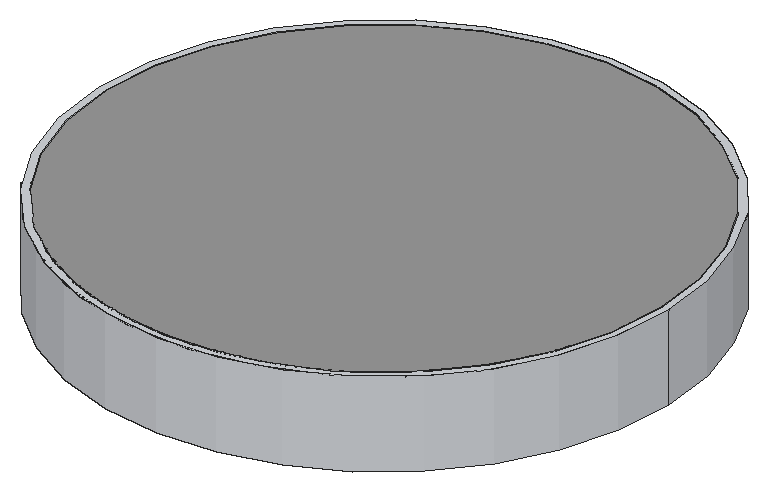
Revit family "2071147", category Lighting Fixtures, host Face, Revit 2018
Family settings
  Host = Face
  Round Connector Dimension = Use Diameter
  Part Type = Normal
  OmniClass Number = 23.80.70.00
  OmniClass Title = Lighting
  Cut with Voids When Loaded = No
  Light Source = Yes
  Shared = No
  Room Calculation Point = No
Parameters (values of type "2071147 COLOSSAL 400 840 PR DIR+H WHT EM")
  iner diameter = 390 mm
  Weight = "n/a"
  Wattage Comments = ""
  Wattage = 30 W
  WarrantyStartDate [instance] = "n/a"
  WarrantyGuarantorParts = "n/a"
  WarrantyDurationUnit = "n/a"
  WarrantyDurationParts = ""
  WarrantyDescription = "http://www.sylvania-lighting.com"
  built-in parameter 1150110 = 1 (stored number, unit not read)
  Voltage = 230 V
  URL = "0.93"
  TypeName = "COLOSSAL 400mm 840 PRISM DIR+HAL WHITE EM"
  Type Image = <None>
  Type Comments = "n/a"
  built-in parameter 1114217 = 1 (stored number, unit not read)
  Tilt Angle = -90.00°
  built-in parameter 1150109 = 1 (stored number, unit not read)
  built-in parameter 1150134 = (empty or 0)
  built-in parameter 1150113 = 1 (stored number, unit not read)
  SerialNumber [instance] = "n/a"
  Photometric Web File = "2071147.ies"
  Material_3_SYL = LED-Sylvania
  PowerFactor = 0
  PowerConsumption = "Lighting"
  NominalLength = 400 mm
  NominalHeight = 93 mm
  NominalDepth = 400 mm
  Name = "COLOSSAL 400mm 840 PRISM DIR+HAL WHITE EM"
  ModelReference = Name  # "COLOSSAL 400mm 840 PRISM DIR+HAL WHITE EM"
  ModelNumber = "2071147"
  Model = Name  # "COLOSSAL 400mm 840 PRISM DIR+HAL WHITE EM"
  Material = "Feilo Sylvania"
  ManufacturerName = "126 lm/W"
  Manufacturer = ""
  LuminousEfficacy = ""
  built-in parameter 1150105 = 270.44 (stored number, unit not read)
  Lumens = 3398.4 lm
  LuminaireType = "0"
  built-in parameter 1150115 = 1 (stored number, unit not read)
  LightOutputRatio = "LED"
  built-in parameter 1150137 = (empty or 0)
  built-in parameter 1150139 = (empty or 0)
  LampsType = Lamp  # "n/a"
  LampNominalLuminous = "4000 K"
  LampMacAdamStep = "80"
  LampColourTemperature = "LED"
  LampColourRenderingIndex = "16500"
  built-in parameter 1150112 = 1 (stored number, unit not read)
  built-in parameter 1150114 = 1 (stored number, unit not read)
  Lamp = "n/a"
  Keynote = "n/a"
  InstallationDate [instance] = "n/a"
  InputVoltage = "0"
  InputNominalFrequency = "4000"
  built-in parameter 1150132 = (empty or 0)
  built-in parameter 1150102 = (empty or 0)
  built-in parameter 1150107 = 3000 (stored number, unit not read)
  built-in parameter 1150138 = (empty or 0)
  IngressProtection = "IfcLightFixtureType"
  ImpactProtectionIndex = "IfcLightFixtureType"
  built-in parameter 1150106 = 2.7044 (stored number, unit not read)
  IfcExportType = "IfcLightFixtureType"
  IfcExportAs = "Class I"
  Emit from Circle Diameter = 385 mm
  Emit Shape Visible in Rendering = no
  ElectricShockClassification = "126"
  built-in parameter 1150104 = 10.524 (stored number, unit not read)
  DocumentationLiterature = "http://www.sylvania-lighting.com/product/en-int/products/2071147"
  DimmingControlOptions = "n/a"
  Material_2_SYL = Polycarbonate_Sylvania_White
  Dimming Lamp Color Temperature Shift = <None>
  Description = "400mm diameter circular architectural luminaire, can be surface mounted or suspended. Powder coated aluminium housing (RAL9016) with PMMA prismatic diffuser. Direct/indirect (halo) light distribution, 2015lm luminuous flux, 16W system power, 126lm/W luminiaire efficacy. Constant current driver. 3 hours integrated emergency. Colour rendering index Ra >80, 4000K Neutral White LED, chromaticity tolerance of 3-step MacAdam ellipse. IP40, IK03. 350mA drive current. UGR≤19. Electrical protection Class1, 220-240V. Reported lifetime 66k hours L90B10."
  Default Elevation = 1219.2 mm
  CreatedOn = "22/03/2022"
  CreatedBy = "@sylvania-lighting.com"
  Cost = 0
  Color Filter = 16777215
  built-in parameter 1114216 [instance] = (empty or 0)
  ClassificationValue = "EF_70_80"
  ClassificationName = "Uniclass2015"
  Material_1_SYL = Polycarbonate_Sylvania_Opal
  BarCode [instance] = "n/a"
  built-in parameter 1114218 = 1 (stored number, unit not read)
  built-in parameter 1150133 = 10 (stored number, unit not read)
  AssetType = "Fixed"
  AssetIdentifier [instance] = "n/a"
  Assembly Code = "D5020200"
  Apparent Load = 16 VA
  Material_4_SYL = none
Reference planes
  plane 1 "Center (Front/Back)": y = 0
  plane 2: z = 0
  plane 3 "Center (Left/Right)": x = 0
  plane 4: x = -200
  plane 5: x = 200
  plane 6: y = 200
  plane 7: y = -200
  plane 8: y = 236
  plane 9: y = -236
  plane 10: z = 93
  plane 11: y = 195
  plane 12: y = -195
  plane 13: y = 90.5
  plane 14: y = 144.5
  plane 15: through (52.25, 90.5, 1219.2) normal (0.866, 0.5, 0)
  plane 16: through (52.25, 90.5, 1219.2) normal (0.866, 0.5, 0)
  plane 17: through (63.706, 126.657, 1219.2) normal (0.866, 0.5, 0)
  plane 18: through (-104.5, 0, 1219.2) normal (-0.866, 0.5, 0)
  plane 19: through (-142.394, -9.633, 1219.2) normal (-0.866, 0.5, 0)
  plane 20: y = -90.5
  plane 21: y = -118.5
  plane 22: through (85.371, -141.133, 1219.2) normal (-0.866, 0.5, 0)
  plane 23: through (52.25, -90.5, 1219.2) normal (-0.866, 0.5, 0)
  plane 24: through (-161.658, 0, 1219.2) normal (0.866, 0.5, 0)
  plane 25: through (-172.12, 9.121, 1219.2) normal (0.866, 0.5, 0)
  plane 26: through (-104.5, 0, 1219.2) normal (0.866, 0.5, 0)
Forms (mm)
  Extrusion 1, solid, detail levels medium+fine
    sketch origin (0, 0, 0) x (1, 0, 0) y (0, 1, 0)
      loop
        circle (0, 0) r 200
    from 33.023 to 93
  Extrusion 2, void
    sketch origin (0, 0, 0) x (1, 0, 0) y (0, 1, 0)
      loop
        circle (0, 0) r 195
    from 93 to 37.292
  Extrusion 3, solid, material "Glass, White, High Luminance", detail levels fine
    sketch origin (0, 0, 0) x (1, 0, 0) y (0, 1, 0)
      loop
        circle (0, 0) r 195
    from 88.026 to 93
  Extrusion 4, solid, detail levels coarse
    sketch origin (0, 0, 0) x (1, 0, 0) y (0, 1, 0)
      loop
        line (-200, 200) -> (-200, -200) -> (200, -200) -> (200, 200) -> (-200, 200)
    from 0 to 93
  Blend 5, solid, detail levels medium+fine
    base sketch origin (0, 0, 0) x (1, 0, 0) y (0, 1, 0)
      loop
        line (-52.25, 90.5) -> (-104.5, 0) -> (-52.25, -90.5) -> (52.25, -90.5) -> (104.5, 0) -> (52.25, 90.5) -> (-52.25, 90.5)
    top sketch origin (0, 0, 0) x (1, 0, 0) y (0, 1, 0)
      loop
        line (-53.405, 144.5) -> (-149.245, -21.5) -> (-93.242, -118.5) -> (98.438, -118.5) -> (151.843, -26) -> (53.405, 144.5) -> (-53.405, 144.5)
    from 0 to 33.023
Cuts and joins
  Extrusion 2 cuts Extrusion 1
Dimensions and locks
  "NominalDepth": plane 6 to plane 7
  "NominalLength": plane 4 to plane 5
  equal spacing: plane 4, plane 3 "Center (Left/Right)", plane 5
  "iner diameter": plane 11 to plane 12
  equal spacing: plane 11, plane 1 "Center (Front/Back)", plane 12
  equal spacing: plane 6, plane 1 "Center (Front/Back)", plane 7
  "NominalHeight": plane 10 to level
  plane 19 to plane 18 = 28 mm
  radius of Extrusion 2 sketch curve = 195 mm
  aligned and locked: plane 2 to host face
  aligned and locked: level to host face
Automatic sketch dimensions
  host sketch curve to host sketch curve = 2438.4 mm  (x2)
  plane 1 "Center (Front/Back)" to Extrusion 1 sketch curve = 0 mm
  Extrusion 1 sketch curve to plane 3 "Center (Left/Right)" = 0 mm
  plane 1 "Center (Front/Back)" to Extrusion 2 sketch curve = 0 mm
  Extrusion 2 sketch curve to plane 3 "Center (Left/Right)" = 0 mm
  plane 1 "Center (Front/Back)" to Extrusion 3 sketch curve = 0 mm
  Extrusion 3 sketch curve to plane 3 "Center (Left/Right)" = 0 mm
  Extrusion 4 sketch curve to plane 4 = 0 mm
  Extrusion 4 sketch curve to plane 5 = 0 mm
  Extrusion 4 sketch curve to plane 7 = 0 mm
  Extrusion 4 sketch curve to plane 6 = 0 mm
  Blend 5 sketch curve to plane 19 = 0 mm  (x2)
  Blend 5 sketch curve to plane 24 = 0 mm  (x2)
  Blend 5 sketch curve to plane 21 = 0 mm
  Blend 5 sketch curve to plane 14 = 0 mm
  Blend 5 sketch curve to plane 17 = 0 mm  (x2)
  Blend 5 sketch curve to plane 22 = 0 mm  (x2)
  radius of Extrusion 1 sketch curve = 200 mm
  radius of Extrusion 3 sketch curve = 195 mm
Connectors
  electrical at (0, 0, 0), driven by "Apparent Load", driven by "PowerFactor", driven by "Voltage"
    settings: index 1, voltage 230 V, apparent load 16 VA, apparent load phase1 0 VA, apparent load phase2 0 VA, apparent load phase3 0 VA, power factor 0, load classification "Lighting", number of poles 1, system type 30, power factor state 1, is connector primary yes, connector utility no, sub classification motor no, connector description ""
